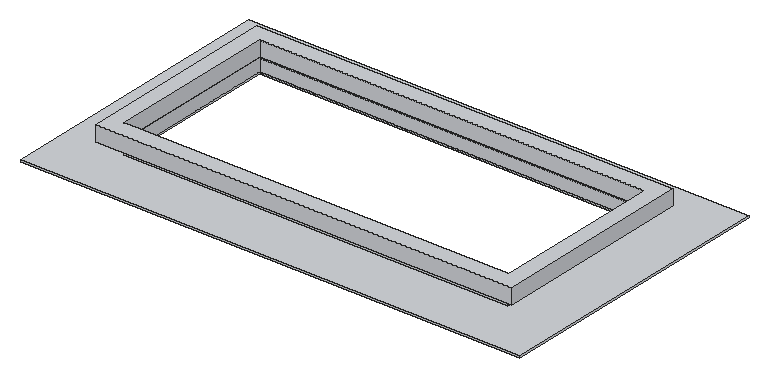
Revit family "IOSK3", category Generic Models, host Face, Revit 2019
Family settings
  Host = Face
  Can host rebar = No
  Round Connector Dimension = Use Diameter
  Part Type = Normal
  Cut with Voids When Loaded = No
  Shared = No
  Room Calculation Point = No
Parameters
  Default Elevation = 48.00"
Reference planes (in)
  plane 1 "Center (Front/Back)": y = 0
  plane 2: z = 0
  plane 3 "Center (Left/Right)": x = 0
Forms (in)
  Extrusion 1, solid
    sketch origin (0, 0, 0) x (1, 0, 0) y (0, 1, 0)
      loop
        line (-24.625, 14.06) -> (-24.625, -14.06) -> (24.625, -14.06) -> (24.625, 14.06) -> (-24.625, 14.06)
      loop
        line (18.84625, 8.279) -> (-18.84625, 8.279) -> (-18.84625, -8.279) -> (18.84625, -8.279) -> (18.84625, 8.279)
    from 0 to 0.15
  Extrusion 2, solid
    sketch origin (0, 0, 0) x (1, 0, 0) y (0, 1, 0)
      loop
        line (-18.935, 8.4835) -> (-18.935, -8.4835) -> (18.935, -8.4835) -> (18.935, 8.4835) -> (-18.935, 8.4835)
      loop
        line (18.84625, 8.279) -> (-18.84625, 8.279) -> (-18.84625, -8.279) -> (18.84625, -8.279) -> (18.84625, 8.279)
    from 1.4 to 0.15
  Extrusion 3, solid
    sketch origin (0, 0, 0) x (1, 0, 0) y (0, 1, 0)
      loop
        line (-20.469, 9.9015) -> (-20.469, -9.9015) -> (20.469, -9.9015) -> (20.469, 9.9015) -> (-20.469, 9.9015)
      loop
        line (18.935, 8.3925) -> (-18.96, 8.3925) -> (-18.96, -8.3925) -> (18.935, -8.3925) -> (18.935, 8.3925)
    from 2.9 to 1.4
Dimensions and locks (in)
  aligned and locked: plane 2 to host face
  aligned and locked: level to host face
